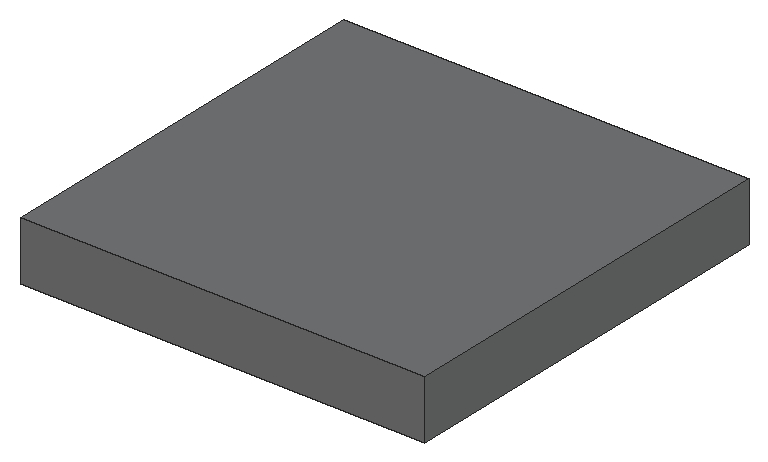
Revit family "Gira_0272005", category Electrical Fixtures, host Face, Revit 2017
Family settings
  Host = Face
  Maintain Annotation Orientation = No
  Round Connector Dimension = Use Diameter
  Part Type = Normal
  Cut with Voids When Loaded = No
  Shared = No
  Room Calculation Point = No
Parameters (values of type "Abd. Tragring Geräte Ø 22,5 mm System 55 Schwarz m")
  Zusammenstellung = "Basiselement mit zentraler Abdeckplatte"
  Werkstoffgüte = "sonstige"
  Werkstoff = "sonstige"
  Verwendung = "sonstige"
  URL = "http://katalog.gira.de/de_DE/datenblatt.html?artikelnr=0272005"
  Tragring = "Yes"
  Region = "DE"
  Oberfläche = "sonstige"
  Name = "Abd. Tragring Geräte Ø 22,5 mm System 55 Schwarz m"
  Montageart = "unter Putz"
  Mit Zugentlastung = "No"
  Mit Staubschutz = "No"
  Mit Klappdeckel = "No"
  Mit Aufdruck = "No"
  Manufacturer URL = "https://www.gira.de/"
  Lüsterklemme = "No"
  Keynote = "Sys55_Abdeckung_Schalten und Tasten"
  HeinzeBIM = "https://bimportal.heinze.de/bim/abd-tragring-geraete-22-5-mm-system-55-schwarz-m/c895e6886fd84d4a0e8de13362aea44ed1290e8d"
  Halogenfrei = "Yes"
  HAN = "0272005"
  GTIN = "4010337036708"
  Farbe = "schwarz"
  Default Elevation = 1219.2 mm
  Data sheet (1) = "https://katalog.gira.de/de_DE/download.html?artikelnr=0272005"
  Category = "Einsatz/Abdeckung für Kommunikationstechnik"
  Beschriftungsfeld = "ohne Beschriftungsfeld"
  Befestigungsart = "Befestigung mit Schraube"
  Available = "Yes"
  Ausführung der Oberfläche = "matt"
  Anthrazit [instance] = Anthrazit
Reference planes
  plane 1 "Center (Front/Back)": y = 0
  plane 2: z = 0
  plane 3 "Center (Left/Right)": x = 0
Forms (mm)
  Extrusion 1, solid, material "Anthrazit" <- "Anthrazit", detail levels fine
    sketch origin (0, 0, 0) x (1, 0, 0) y (0, 1, 0)
      loop
        line (-27.5, 27.5) -> (-27.5, -27.5) -> (27.5, -27.5) -> (27.5, 27.5) -> (-27.5, 27.5)
    from 0 to 8
  Extrusion 2, void
    sketch origin (0, 0, 0) x (1, 0, 0) y (0, 1, 0)
      loop
        line (26, 26) -> (-26, 26) -> (-26, -26) -> (26, -26) -> (26, 26)
    from 0 to 6
  Extrusion 3, solid, material "Anthrazit" <- "Anthrazit", detail levels medium
    sketch origin (0, 0, 0) x (1, 0, 0) y (0, 1, 0)
      loop
        line (-27.5, 27.5) -> (-27.5, -27.5) -> (27.5, -27.5) -> (27.5, 27.5) -> (-27.5, 27.5)
    from 0 to 8
  Extrusion 4, solid, material "Anthrazit" <- "Anthrazit", detail levels medium
    sketch origin (0, 0, 0) x (1, 0, 0) y (0, 1, 0)
      loop
        line (11, -17.5) -> (11, 17.5) -> (-11, 17.5) -> (-11, -17.5) -> (11, -17.5)
    from -6 to 6
  Extrusion 5, solid, material "Anthrazit" <- "Anthrazit", detail levels fine
    sketch origin (0, 0, 0) x (1, 0, 0) y (0, 1, 0)
      loop
        line (11, 17.5) -> (-11, 17.5) -> (-11, 16.5) -> (11, 16.5) -> (11, 17.5)
      loop
        line (-11, -16.5) -> (-11, -17.5) -> (11, -17.5) -> (11, -16.5) -> (-11, -16.5)
    from -4 to 6
  Extrusion 6, solid, material "Anthrazit" <- "Anthrazit", detail levels fine
    sketch origin (0, 0, 0) x (1, 0, 0) y (0, 1, 0)
      loop
        arc (5, 9.347) -> (0, 10.6) -> (-5, 9.347) r 10.6
        line (-5, 9.347) -> (-5, -9.347)
        arc (-5, -9.347) -> (0, -10.6) -> (5, -9.347) r 10.6
        line (5, -9.347) -> (5, 9.347)
    from -6 to 6
  Extrusion 7, solid, material "Anthrazit" <- "Anthrazit", detail levels coarse
    sketch origin (0, 0, 0) x (1, 0, 0) y (0, 1, 0)
      loop
        line (-27.5, 27.5) -> (-27.5, -27.5) -> (27.5, -27.5) -> (27.5, 27.5) -> (-27.5, 27.5)
    from -6 to 8
Cuts and joins
  Extrusion 2 cuts Extrusion 1
Dimensions and locks
  aligned and locked: plane 2 to host face
  aligned and locked: level to host face
